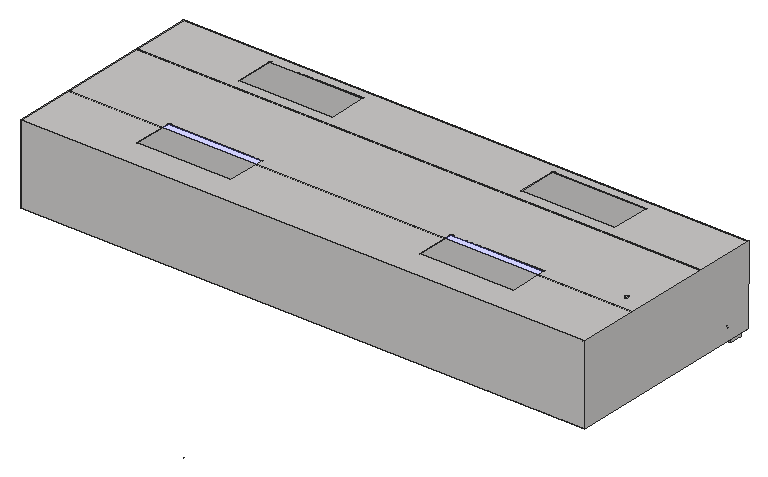
Revit family "QF_ELECTROLUXPROFESSIONAL_640232_STPF1336", category Specialty Equipment, Revit 2014
Reference planes
  plane 1: z = 0
  plane 2 "Center (Left/Right)": x = 150
  plane 3 "LEFT": x = -1650
  plane 4 "RIGHT": x = 1950
  plane 5 "BACK": y = 550
  plane 6 "TOP": z = 2500
  plane 7 "Base": z = 2000
  plane 8: z = 1955
  plane 9 "DrainY": y = 490
  plane 10: x = -1647
  plane 11 "DrainX": x = 1830
  plane 12 "AOLeft2": x = -450
  plane 13 "AORight1": x = 750
  plane 14: x = 1947
  plane 15: x = -1450
  plane 16: x = 1750
  plane 17 "Center (Front/Back)": y = -100
  plane 18 "Front": y = -750
  plane 19 "AOLeft1": x = -1050
  plane 20 "AORight2": x = 1350
  plane 21: y = -664
  plane 22: y = -414
  plane 23: y = 240
  plane 24: y = 490
  plane 25 "EI_y": y = -270
  plane 26 "EIx": x = 1830
Forms (mm)
  Extrusion 1, solid, material "QF_Finishes_Stainless Steel"
    sketch origin (-1650, 0, 360) x (0, 1, 0) y (0, 0, 1)
      loop
        line (550, 1640) -> (550, 2140) -> (-750, 2140) -> (-750, 1640) -> (550, 1640)
    from 0 to 3
  Extrusion 2, solid, material "QF_Finishes_Stainless Steel"
    sketch origin (1950, 0, 360) x (0, 1, 0) y (0, 0, 1)
      loop
        line (550, 1640) -> (550, 2140) -> (-750, 2140) -> (-750, 1640) -> (550, 1640)
    from 0 to -3
  Extrusion 3, solid, material "QF_Finishes_Stainless Steel"
    sketch origin (150, 0, 360) x (0, 1, 0) y (0, 0, 1)
      loop
        line (-750, 2140) -> (-750, 1640) -> (-740, 1640) -> (-740, 1640.8) -> (-749.2, 1640.8) -> (-749.2, 2139.19) -> (549.2, 2139.19) -> (549.2, 1640.8) -> (540, 1640.8) -> (540, 1640) -> (550, 1640) -> (550, 2140) -> (-750, 2140)
    from -1800 to 1800
  Extrusion 4, solid, material "QF_Finishes_Stainless Steel"
    sketch origin (0, 0, 2000) x (0, 1, 0) y (-1, 0, 0)
      loop
        circle (490, -1830) r 4.763
    from -30 to 0
  Extrusion 5, void
    sketch origin (0, 0, 2500) x (0, 1, 0) y (-1, 0, 0)
      loop
        line (-320, 450) -> (-320, 1050) -> (-570, 1050) -> (-570, 450) -> (-320, 450)
    from 0 to -10
  Extrusion 6, solid, material "QF_Finishes_Stainless Steel"
    sketch origin (0, 0, 0) x (1, 0, 0) y (0, 1, 0)
      loop
        line (-1650, 550) -> (-1650, 549) -> (-1649, 549) -> (-1649, 550) -> (-1650, 550)
    from 0 to 1
  Extrusion 7, solid, material "QF_LAMPS"
    sketch origin (150, 0, 360) x (0, 1, 0) y (0, 0, 1)
      loop
        line (-372.823, 1962.324) -> (-218.948, 2086.929) -> (-227.129, 2097.032) -> (-381.003, 1972.426) -> (-372.823, 1962.324)
    from 1797 to -1797
  Extrusion 8, solid, material "QF_Finishes_Stainless Steel"
    sketch origin (150, 0, 360) x (0, 1, 0) y (0, 0, 1)
      loop
        line (-750, 2139.19) -> (-750, 1640) -> (-686.602, 1640) -> (-599.146, 1690.493) -> (-610.058, 1709.394) -> (-666.564, 1676.77) -> (-714.704, 1680.982) -> (-749.2, 1730.248) -> (-749.2, 2139.19) -> (-750, 2139.19)
      loop
        line (-373.6, 1961.694) -> (-381.937, 1971.99) -> (-369.095, 1982.182) -> (-369.095, 2139.19) -> (-369.895, 2139.19) -> (-369.895, 1982.569) -> (-682.298, 1734.63) -> (-671.091, 1720.79) -> (-373.6, 1961.694)
      loop
        line (-227.61, 2099.216) -> (-218.171, 2087.559) -> (-154.411, 2139.19) -> (-155.682, 2139.19) -> (-218.052, 2088.684) -> (-226.989, 2099.719) -> (-227.61, 2099.216)
    from -1797 to 1797
  Sweep 9, solid, material "QF_Finishes_Stainless Steel"
    path origin (0, 0, 0) x (1, 0, 0) y (0, 1, 0)
      loop
        line (1950, 550) -> (-1650, 550) -> (-1650, -750) -> (1950, -750) -> (1950, 550)
    profile origin (1950, -100, 0) x (1, 0, 0) y (0, 0, 1)
      loop
        line (-3, 2000) -> (-3, 2000.8) -> (-19, 2000.8) -> (-19, 2010) -> (-20, 2010) -> (-20, 2000) -> (-3, 2000)
  Extrusion 10, solid, material "QF_Finishes_Stainless Steel"
    sketch origin (150, 0, 0) x (0, 1, 0) y (0, 0, 1)
      loop
        line (414.66, 2095.469) -> (440.643, 2110.471) -> (261.744, 2411.771) -> (235.948, 2396.455) -> (414.66, 2095.469)
    from -1797 to -1600
  Extrusion 11, void
    sketch origin (1134.605, 0, 2500) x (0, 1, 0) y (-1, 0, 0)
      loop
        line (-320, -215.395) -> (-320, 384.605) -> (-570, 384.605) -> (-570, -215.395) -> (-320, -215.395)
    from 0 to -10
  Extrusion 12, solid, material "QF_Finishes_Stainless Steel"
    sketch origin (1830, 0, 0) x (0, 1, 0) y (0, 0, 1)
      loop
        line (539, 2000) -> (441, 2000) -> (441, 1989) -> (448.5, 1989) -> (448.5, 1965)
        arc (448.5, 1965) -> (451.429, 1957.929) -> (458.5, 1955) r 10
        line (458.5, 1955) -> (521.5, 1955)
        arc (521.5, 1955) -> (528.571, 1957.929) -> (531.5, 1965) r 10
        line (531.5, 1965) -> (531.5, 1989) -> (539, 1989) -> (539, 2000)
    from 90 to -90
  Extrusion 13, solid, material "QF_Finishes_Stainless Steel"
    sketch origin (150, 0, 360) x (0, 1, 0) y (0, 0, 1)
      loop
        line (-750, 2139.19) -> (-750, 1640) -> (-686.602, 1640) -> (-599.146, 1690.493) -> (-610.058, 1709.394) -> (-666.564, 1676.77) -> (-714.704, 1680.982) -> (-749.2, 1730.248) -> (-749.2, 2139.19) -> (-750, 2139.19)
      loop
        line (-373.6, 1961.694) -> (-381.937, 1971.99) -> (-369.095, 1982.182) -> (-369.095, 2139.19) -> (-369.895, 2139.19) -> (-369.895, 1982.569) -> (-682.298, 1734.63) -> (-671.091, 1720.79) -> (-373.6, 1961.694)
      loop
        line (-227.61, 2099.216) -> (-218.171, 2087.559) -> (-154.411, 2139.19) -> (-155.682, 2139.19) -> (-218.052, 2088.684) -> (-226.989, 2099.719) -> (-227.61, 2099.216)
    from -1797 to 1797
  Extrusion 14, solid, material "QF_Finishes_Stainless Steel"
    sketch origin (150, 0, 0) x (0, 1, 0) y (0, 0, 1)
      loop
        line (414.66, 2095.469) -> (440.643, 2110.471) -> (261.744, 2411.771) -> (235.948, 2396.455) -> (414.66, 2095.469)
    from 1600 to 1797
  Extrusion 15, solid, material "QF_Finished_Chrome"
    sketch origin (150, 0, 0) x (0, 1, 0) y (0, 0, 1)
      loop
        line (414.66, 2095.469) -> (440.643, 2110.471) -> (261.744, 2411.771) -> (235.948, 2396.455) -> (414.66, 2095.469)
    from -1600 to 1600
  Extrusion 16, void
    sketch origin (0, 1180, 2500) x (0, 1, 0) y (-1, 0, 0)
      loop
        line (-690, 450) -> (-690, 1050) -> (-940, 1050) -> (-940, 450) -> (-690, 450)
    from 0 to -10
  Extrusion 17, void
    sketch origin (1600, 1180, 2500) x (0, 1, 0) y (-1, 0, 0)
      loop
        line (-690, 250) -> (-690, 850) -> (-940, 850) -> (-940, 250) -> (-690, 250)
    from 0 to -10
  Extrusion 18, solid, material "QF_Finishes_Stainless Steel"
    sketch origin (0, 0, 2500) x (0, 1, 0) y (-1, 0, 0)
      loop
        circle (-270, -1830) r 10
    from 0 to 1.6
  Extrusion 19, solid, material "QF_Finishes_Stainless Steel"
    sketch origin (150, 0, 360) x (0, 1, 0) y (0, 0, 1)
      loop
        line (430.005, 1640) -> (540, 1640) -> (540, 1640.8) -> (430.467, 1640.8) -> (371.906, 1742.23) -> (414.858, 1734.657) -> (442.266, 1750.481) -> (442.266, 1765.943) -> (441.466, 1765.943) -> (441.466, 1750.943) -> (414.709, 1735.495) -> (321.153, 1751.991) -> (320.875, 1750.416) -> (371.4, 1741.507) -> (430.005, 1640)
      loop
        line (172.529, 2139.19) -> (242.893, 2017.316) -> (245.133, 2018.715) -> (240.13, 2027.381) -> (238.569, 2026.405) -> (173.453, 2139.19) -> (172.529, 2139.19)
    from -1797 to 1797
Cuts and joins
  Extrusion 5, Extrusion 11, Extrusion 16, Extrusion 17 cuts Extrusion 3
  joined: Extrusion 2, Extrusion 3, Sweep 9
Lines and regions (mm)
  symbolic lines, style "SpecialityEquipment", detail levels coarse
    curve 1: line (1950, 550, 2500) -> (-1650, 550, 2500)
    curve 2: line (-1650, 550, 2500) -> (-1650, -750, 2500)
    curve 3: line (1950, -750, 2500) -> (1950, 550, 2500)
    curve 4: line (-1650, 550, 0) -> (1950, -750, 0)
    curve 5: line (1950, 550, 0) -> (-1650, -750, 0)
    curve 6: line (-1650, -750, 0) -> (1950, -750, 0)
    curve 7: line (-450, -320, 0) -> (-1050, -320, 0)
    curve 8: line (-450, -570, 0) -> (-450, -320, 0)
    curve 9: line (-1050, -570, 0) -> (-450, -570, 0)
    curve 10: line (-1050, -320, 0) -> (-1050, -570, 0)
    curve 11: line (750, -320, 0) -> (750, -570, 0)
    curve 12: line (1350, -320, 0) -> (750, -320, 0)
    curve 13: line (1350, -570, 0) -> (1350, -320, 0)
    curve 14: line (750, -570, 0) -> (1350, -570, 0)
  symbolic lines, detail levels coarse
    curve 15: line (-1050, 240, 2500) -> (-450, 240, 2500)
    curve 16: line (-1050, 490, 2500) -> (-1050, 240, 2500)
    curve 17: line (-450, 490, 2500) -> (-1050, 490, 2500)
    curve 18: line (-450, 240, 2500) -> (-450, 490, 2500)
    curve 19: line (750, 490, 2500) -> (750, 240, 2500)
    curve 20: line (1350, 490, 2500) -> (750, 490, 2500)
    curve 21: line (750, 240, 2500) -> (1350, 240, 2500)
    curve 22: line (1350, 240, 2500) -> (1350, 490, 2500)
Dimensions and locks
  plane 3 "LEFT" to plane 4 "RIGHT" = 3600 mm
  equal spacing: plane 3 "LEFT", plane 2 "Center (Left/Right)", plane 4 "RIGHT"
  plane 7 "Base" to plane 8 = 45 mm
  plane 5 "BACK" to plane 9 "DrainY" = 60 mm  (x2)
  plane 3 "LEFT" to plane 10 = 3 mm
  plane 11 "DrainX" to plane 4 "RIGHT" = 120 mm
  plane 14 to plane 4 "RIGHT" = 3 mm
  plane 3 "LEFT" to plane 15 = 200 mm
  plane 16 to plane 4 "RIGHT" = 200 mm
  locked: plane 12 "AOLeft2" to plane 13 "AORight1" at 1200
  equal spacing: plane 12 "AOLeft2", plane 2 "Center (Left/Right)", plane 13 "AORight1"
  locked: plane 7 "Base" to level at 2000
  locked: plane 6 "TOP" to plane 7 "Base" at 500
  locked: plane 5 "BACK" to plane 18 "Front" at 1300
  equal spacing: plane 5 "BACK", plane 17 "Center (Front/Back)", plane 18 "Front"
  locked: plane 19 "AOLeft1" to plane 12 "AOLeft2" at 600
  locked: plane 13 "AORight1" to plane 20 "AORight2" at 600
  locked: plane 22 to plane 21 at 250
  plane 21 to plane 18 "Front" = 86 mm
  locked: plane 24 to plane 23 at 250
  plane 5 "BACK" to plane 24 = 60 mm
  locked: plane 25 "EI_y" to plane 18 "Front" at 480
  locked: plane 26 "EIx" to plane 4 "RIGHT" at 120
  plane 5 "BACK" to plane 18 "Front" = 1300 mm
  aligned and locked: level to plane 1
  aligned and locked: plane 4 "RIGHT" to Extrusion 3
  aligned and locked: Extrusion 3 to plane 3 "LEFT"
  aligned and locked: Extrusion 2 to plane 14
  aligned and locked: Extrusion 10 to plane 10
  aligned and locked: Extrusion 8 to plane 10
  aligned and locked: plane 14 to Extrusion 8
  aligned and locked: Extrusion 5 to plane 19 "AOLeft1"
  aligned and locked: Extrusion 5 to plane 12 "AOLeft2"
  aligned and locked: plane 20 "AORight2" to Extrusion 11
  aligned and locked: plane 13 "AORight1" to Extrusion 11
  aligned and locked: plane 15 to Extrusion 10
  aligned and locked: plane 16 to Extrusion 14
  aligned and locked: plane 14 to Extrusion 14
  aligned and locked: Extrusion 15 to plane 15
  aligned and locked: Extrusion 15 to plane 16
  aligned and locked: plane 14 to Extrusion 7
  aligned and locked: Extrusion 7 to plane 10
  aligned and locked: Extrusion 16 to plane 23
  aligned and locked: plane 24 to Extrusion 16
  aligned and locked: plane 24 to Extrusion 17
  aligned and locked: Extrusion 17 to plane 23
  aligned and locked: plane 13 "AORight1" to Extrusion 17
  aligned and locked: plane 20 "AORight2" to Extrusion 17
  aligned and locked: Extrusion 16 to plane 19 "AOLeft1"
  aligned and locked: Extrusion 16 to plane 12 "AOLeft2"
  aligned and locked: Extrusion 19 to plane 10
  aligned and locked: plane 14 to Extrusion 19
  aligned and locked: plane 14 to Extrusion 13
  aligned and locked: Extrusion 13 to plane 10
Automatic sketch dimensions
  curve 6 to plane 3 "LEFT" = 0 mm
  curve 4 to plane 3 "LEFT" = 0 mm
  curve 10 to plane 19 "AOLeft1" = 0 mm
  curve 8 to plane 12 "AOLeft2" = 0 mm
  curve 14 to plane 13 "AORight1" = 0 mm
  curve 14 to plane 20 "AORight2" = 0 mm
  curve 5 to plane 4 "RIGHT" = 0 mm
  curve 6 to plane 4 "RIGHT" = 0 mm
  curve 4 to plane 18 "Front" = 0 mm
  curve 4 to plane 5 "BACK" = 0 mm
  curve 5 to plane 5 "BACK" = 0 mm
  plane 21 to curve 14 = 94 mm
  plane 21 to curve 9 = 94 mm
  curve 10 to plane 25 "EI_y" = 50 mm
  curve 11 to plane 25 "EI_y" = 50 mm
  curve 2 to plane 3 "LEFT" = 0 mm
  curve 2 to plane 18 "Front" = 0 mm
  curve 3 to plane 4 "RIGHT" = 0 mm
  curve 3 to plane 18 "Front" = 0 mm
  curve 2 to plane 5 "BACK" = 0 mm
  Extrusion 1 sketch curve to plane 7 "Base" = 0 mm
  Extrusion 1 sketch curve to plane 18 "Front" = 0 mm
  Extrusion 1 sketch curve to plane 5 "BACK" = 0 mm
  Extrusion 1 sketch curve to plane 6 "TOP" = 0 mm
  Extrusion 2 sketch curve to plane 7 "Base" = 0 mm
  Extrusion 2 sketch curve to plane 18 "Front" = 0 mm
  Extrusion 2 sketch curve to plane 5 "BACK" = 0 mm
  Extrusion 2 sketch curve to plane 6 "TOP" = 0 mm
  Extrusion 3 sketch curve to plane 6 "TOP" = 0 mm
  Extrusion 3 sketch curve to plane 18 "Front" = 0 mm
  Extrusion 3 sketch curve to plane 7 "Base" = 0 mm  (x2)
  Extrusion 3 sketch curve to plane 5 "BACK" = 0 mm
  plane 18 "Front" to Extrusion 3 sketch curve = 0.8 mm
  Extrusion 3 sketch curve to Extrusion 3 sketch curve = 9.2 mm
  plane 7 "Base" to Extrusion 3 sketch curve = 0.8 mm  (x2)
  Extrusion 3 sketch curve to plane 5 "BACK" = 10 mm
  Extrusion 3 sketch curve to plane 5 "BACK" = 0.8 mm
  Extrusion 3 sketch curve to plane 6 "TOP" = 0.81 mm
  Extrusion 4 sketch curve to plane 9 "DrainY" = 0 mm
  Extrusion 4 sketch curve to plane 11 "DrainX" = 0 mm
  Extrusion 5 sketch curve to plane 12 "AOLeft2" = 0 mm
  Extrusion 5 sketch curve to plane 19 "AOLeft1" = 0 mm
  plane 21 to Extrusion 5 sketch curve = 94 mm
  Extrusion 5 sketch curve to plane 25 "EI_y" = 50 mm
  Extrusion 6 sketch curve to plane 3 "LEFT" = 0 mm
  Extrusion 6 sketch curve to plane 5 "BACK" = 0 mm
  plane 3 "LEFT" to Extrusion 6 sketch curve = 1 mm
  Extrusion 6 sketch curve to Extrusion 6 sketch curve = 1 mm
  plane 22 to Extrusion 7 sketch curve = 32.997 mm
  Extrusion 7 sketch curve to Extrusion 7 sketch curve = 8.181 mm  (x2)
  plane 25 "EI_y" to Extrusion 7 sketch curve = 42.871 mm
  Extrusion 7 sketch curve to plane 6 "TOP" = 177.676 mm
  Extrusion 7 sketch curve to Extrusion 7 sketch curve = 10.102 mm
  Extrusion 7 sketch curve to plane 6 "TOP" = 53.071 mm
  Extrusion 7 sketch curve to Extrusion 7 sketch curve = 10.103 mm
  Extrusion 8 sketch curve to plane 7 "Base" = 0 mm
  Extrusion 8 sketch curve to plane 18 "Front" = 0 mm
  Extrusion 8 sketch curve to Extrusion 8 sketch curve = 0.8 mm  (x2)
  plane 18 "Front" to Extrusion 8 sketch curve = 35.296 mm
  Extrusion 8 sketch curve to plane 21 = 22.602 mm
  Extrusion 8 sketch curve to plane 21 = 18.298 mm
  Extrusion 8 sketch curve to plane 21 = 7.091 mm
  Extrusion 8 sketch curve to plane 21 = 2.564 mm
  plane 21 to Extrusion 8 sketch curve = 53.942 mm
  Extrusion 8 sketch curve to Extrusion 8 sketch curve = 10.912 mm
  plane 22 to Extrusion 8 sketch curve = 32.063 mm
  Extrusion 8 sketch curve to Extrusion 8 sketch curve = 8.337 mm
  Extrusion 8 sketch curve to Extrusion 8 sketch curve = 12.042 mm
  plane 25 "EI_y" to Extrusion 8 sketch curve = 42.39 mm
  Extrusion 8 sketch curve to Extrusion 8 sketch curve = 0.622 mm
  Extrusion 8 sketch curve to Extrusion 8 sketch curve = 9.44 mm
  Extrusion 8 sketch curve to Extrusion 8 sketch curve = 0.118 mm
  Extrusion 8 sketch curve to plane 6 "TOP" = 0.81 mm  (x3)
  Extrusion 8 sketch curve to plane 17 "Center (Front/Back)" = 55.682 mm
  Extrusion 8 sketch curve to Extrusion 8 sketch curve = 1.271 mm
  plane 7 "Base" to Extrusion 8 sketch curve = 36.77 mm
  plane 7 "Base" to Extrusion 8 sketch curve = 40.982 mm
  plane 7 "Base" to Extrusion 8 sketch curve = 50.493 mm
  Extrusion 8 sketch curve to Extrusion 8 sketch curve = 18.901 mm
  Extrusion 8 sketch curve to Extrusion 8 sketch curve = 44.02 mm
  Extrusion 8 sketch curve to Extrusion 8 sketch curve = 49.266 mm
  Extrusion 8 sketch curve to Extrusion 8 sketch curve = 13.84 mm
  Extrusion 8 sketch curve to plane 6 "TOP" = 178.306 mm
  Extrusion 8 sketch curve to Extrusion 8 sketch curve = 10.296 mm
  Extrusion 8 sketch curve to Extrusion 8 sketch curve = 10.192 mm
  Extrusion 8 sketch curve to Extrusion 8 sketch curve = 0.386 mm
  Extrusion 8 sketch curve to plane 6 "TOP" = 52.441 mm
  Extrusion 8 sketch curve to Extrusion 8 sketch curve = 1.125 mm
  Sweep 9 sketch curve to plane 3 "LEFT" = 0 mm
  Sweep 9 sketch curve to plane 4 "RIGHT" = 0 mm
  Sweep 9 sketch curve to plane 18 "Front" = 0 mm
  Sweep 9 sketch curve to plane 5 "BACK" = 0 mm
  profile plane to Sweep 9 sketch curve = 20 mm
  Sweep 9 sketch curve to Sweep 9 sketch curve = 1 mm
  profile plane to Sweep 9 sketch curve = 3 mm
  level to Sweep 9 sketch curve = 2000 mm
  Sweep 9 sketch curve to Sweep 9 sketch curve = 0.8 mm
  Sweep 9 sketch curve to Sweep 9 sketch curve = 9.2 mm
  Extrusion 10 sketch curve to plane 23 = 4.052 mm
  plane 23 to Extrusion 10 sketch curve = 21.744 mm
  Extrusion 10 sketch curve to plane 9 "DrainY" = 75.34 mm
  Extrusion 10 sketch curve to Extrusion 10 sketch curve = 25.983 mm
  plane 7 "Base" to Extrusion 10 sketch curve = 95.469 mm
  Extrusion 10 sketch curve to Extrusion 10 sketch curve = 15.001 mm
  Extrusion 10 sketch curve to plane 6 "TOP" = 103.545 mm
  Extrusion 10 sketch curve to Extrusion 10 sketch curve = 15.316 mm
  Extrusion 11 sketch curve to plane 20 "AORight2" = 0 mm
  Extrusion 11 sketch curve to plane 13 "AORight1" = 0 mm
  plane 21 to Extrusion 11 sketch curve = 94 mm
  Extrusion 11 sketch curve to plane 25 "EI_y" = 50 mm
  Extrusion 13 sketch curve to plane 7 "Base" = 0 mm
  Extrusion 13 sketch curve to plane 18 "Front" = 0 mm
  Extrusion 13 sketch curve to Extrusion 13 sketch curve = 0.8 mm  (x2)
  plane 18 "Front" to Extrusion 13 sketch curve = 35.296 mm
  Extrusion 13 sketch curve to plane 21 = 22.602 mm
  Extrusion 13 sketch curve to plane 21 = 18.298 mm
  Extrusion 13 sketch curve to plane 21 = 7.091 mm
  Extrusion 13 sketch curve to plane 21 = 2.564 mm
  plane 21 to Extrusion 13 sketch curve = 53.942 mm
  Extrusion 13 sketch curve to Extrusion 13 sketch curve = 10.912 mm
  plane 22 to Extrusion 13 sketch curve = 32.063 mm
  Extrusion 13 sketch curve to Extrusion 13 sketch curve = 8.337 mm
  Extrusion 13 sketch curve to plane 6 "TOP" = 0.81 mm  (x3)
  plane 22 to Extrusion 13 sketch curve = 44.105 mm
  plane 25 "EI_y" to Extrusion 13 sketch curve = 42.39 mm
  Extrusion 13 sketch curve to Extrusion 13 sketch curve = 0.622 mm
  Extrusion 13 sketch curve to Extrusion 13 sketch curve = 9.44 mm
  Extrusion 13 sketch curve to Extrusion 13 sketch curve = 0.118 mm
  Extrusion 13 sketch curve to plane 17 "Center (Front/Back)" = 55.682 mm
  Extrusion 13 sketch curve to Extrusion 13 sketch curve = 1.271 mm
  plane 7 "Base" to Extrusion 13 sketch curve = 36.77 mm
  plane 7 "Base" to Extrusion 13 sketch curve = 40.982 mm
  plane 7 "Base" to Extrusion 13 sketch curve = 50.493 mm
  Extrusion 13 sketch curve to Extrusion 13 sketch curve = 18.901 mm
  Extrusion 13 sketch curve to Extrusion 13 sketch curve = 44.02 mm
  Extrusion 13 sketch curve to Extrusion 13 sketch curve = 49.266 mm
  Extrusion 13 sketch curve to Extrusion 13 sketch curve = 13.84 mm
  Extrusion 13 sketch curve to Extrusion 13 sketch curve = 177.496 mm
  Extrusion 13 sketch curve to Extrusion 13 sketch curve = 10.296 mm
  Extrusion 13 sketch curve to Extrusion 13 sketch curve = 10.192 mm
  Extrusion 13 sketch curve to Extrusion 13 sketch curve = 0.386 mm
  Extrusion 13 sketch curve to plane 6 "TOP" = 52.441 mm
  Extrusion 13 sketch curve to Extrusion 13 sketch curve = 1.125 mm
  Extrusion 14 sketch curve to plane 23 = 4.052 mm
  plane 23 to Extrusion 14 sketch curve = 21.744 mm
  Extrusion 14 sketch curve to plane 9 "DrainY" = 75.34 mm
  Extrusion 14 sketch curve to Extrusion 14 sketch curve = 25.983 mm
  plane 7 "Base" to Extrusion 14 sketch curve = 95.469 mm
  Extrusion 14 sketch curve to Extrusion 14 sketch curve = 15.001 mm
  Extrusion 14 sketch curve to plane 6 "TOP" = 103.545 mm
  Extrusion 14 sketch curve to Extrusion 14 sketch curve = 15.316 mm
  Extrusion 15 sketch curve to plane 23 = 4.052 mm
  plane 23 to Extrusion 15 sketch curve = 21.744 mm
  Extrusion 15 sketch curve to plane 9 "DrainY" = 75.34 mm
  Extrusion 15 sketch curve to Extrusion 15 sketch curve = 25.983 mm
  plane 7 "Base" to Extrusion 15 sketch curve = 95.469 mm
  Extrusion 15 sketch curve to Extrusion 15 sketch curve = 15.001 mm
  Extrusion 15 sketch curve to plane 6 "TOP" = 103.545 mm
  Extrusion 15 sketch curve to Extrusion 15 sketch curve = 15.316 mm
  Extrusion 16 sketch curve to plane 12 "AOLeft2" = 0 mm
  Extrusion 16 sketch curve to plane 23 = 0 mm
  Extrusion 16 sketch curve to plane 9 "DrainY" = 0 mm
  Extrusion 16 sketch curve to plane 19 "AOLeft1" = 0 mm
  Extrusion 17 sketch curve to plane 20 "AORight2" = 0 mm
  Extrusion 17 sketch curve to plane 23 = 0 mm
  Extrusion 17 sketch curve to plane 9 "DrainY" = 0 mm
  Extrusion 17 sketch curve to plane 13 "AORight1" = 0 mm
  Extrusion 18 sketch curve to plane 25 "EI_y" = 0 mm
  Extrusion 18 sketch curve to plane 26 "EIx" = 0 mm
  Extrusion 19 sketch curve to plane 7 "Base" = 0 mm
  Extrusion 19 sketch curve to plane 9 "DrainY" = 47.734 mm
  Extrusion 19 sketch curve to Extrusion 19 sketch curve = 0.8 mm
  plane 9 "DrainY" to Extrusion 19 sketch curve = 50 mm
  plane 7 "Base" to Extrusion 19 sketch curve = 0.8 mm
  Extrusion 19 sketch curve to Extrusion 19 sketch curve = 109.533 mm
  Extrusion 19 sketch curve to Extrusion 19 sketch curve = 0.462 mm  (x2)
  Extrusion 19 sketch curve to Extrusion 19 sketch curve = 26.608 mm
  Extrusion 19 sketch curve to Extrusion 19 sketch curve = 0.148 mm
  Extrusion 19 sketch curve to Extrusion 19 sketch curve = 42.803 mm
  Extrusion 19 sketch curve to Extrusion 19 sketch curve = 0.506 mm
  Extrusion 19 sketch curve to Extrusion 19 sketch curve = 50.247 mm
  Extrusion 19 sketch curve to Extrusion 19 sketch curve = 0.278 mm
  plane 23 to Extrusion 19 sketch curve = 5.133 mm
  Extrusion 19 sketch curve to Extrusion 19 sketch curve = 2.24 mm
  plane 23 to Extrusion 19 sketch curve = 0.13 mm
  Extrusion 19 sketch curve to plane 23 = 1.431 mm
  Extrusion 19 sketch curve to plane 6 "TOP" = 0.81 mm
  Extrusion 19 sketch curve to plane 23 = 66.547 mm
  Extrusion 19 sketch curve to Extrusion 19 sketch curve = 0.924 mm
  plane 7 "Base" to Extrusion 19 sketch curve = 94.657 mm
  Extrusion 19 sketch curve to Extrusion 19 sketch curve = 0.838 mm
  Extrusion 19 sketch curve to Extrusion 19 sketch curve = 6.012 mm
  Extrusion 19 sketch curve to Extrusion 19 sketch curve = 0.723 mm
  Extrusion 19 sketch curve to Extrusion 19 sketch curve = 14.986 mm
  Extrusion 19 sketch curve to Extrusion 19 sketch curve = 15 mm
  Extrusion 19 sketch curve to plane 6 "TOP" = 122.684 mm
  Extrusion 19 sketch curve to Extrusion 19 sketch curve = 1.399 mm
  Extrusion 19 sketch curve to Extrusion 19 sketch curve = 9.089 mm
  Extrusion 19 sketch curve to Extrusion 19 sketch curve = 0.975 mm
  curve 15 to plane 19 "AOLeft1" = 0 mm
  curve 15 to plane 23 = 0 mm
  curve 16 to plane 9 "DrainY" = 0 mm
  curve 15 to plane 12 "AOLeft2" = 0 mm
  curve 19 to plane 13 "AORight1" = 0 mm
  curve 19 to plane 23 = 0 mm
  curve 20 to plane 9 "DrainY" = 0 mm
  curve 21 to plane 20 "AORight2" = 0 mm
  Extrusion 12 sketch curve to plane 8 = 0 mm
  Extrusion 12 sketch curve to plane 7 "Base" = 11 mm  (x2)
  Extrusion 12 sketch curve to plane 9 "DrainY" = 49 mm
  Extrusion 12 sketch curve to Extrusion 12 sketch curve = 7.5 mm  (x2)
  Extrusion 12 sketch curve to Extrusion 12 sketch curve = 10 mm
  Extrusion 12 sketch curve to plane 5 "BACK" = 28.5 mm
  Extrusion 12 sketch curve to plane 5 "BACK" = 18.5 mm
  plane 7 "Base" to Extrusion 12 sketch curve = 0 mm
  radius of Extrusion 4 sketch curve = 4.763 mm
  radius of Extrusion 18 sketch curve = 10 mm
Connectors
  piping at (1830, 490, 1970), diameter 9.5
    settings: on Extrusion 4, index 1, connector inside diameter 609.6 mm, connector length 0 mm, flow factor 0, pipe flow 0.0 L/s, pressure drop 0.0 Pa, fitting loss kfactor 0, connector angle 0.00°, fixture units 0, engagement length 0 mm, angle of deflection 0.00°, flow configuration 1, flow direction 2, fitting loss method 0, system type 16, joint type 0, gender type 0, connector reference index -1, connector utility 0, adjustable connector no, is connector primary yes, connector description "Drain"
  hvac at (-750, -445, 2500)
    settings: on Extrusion 5, index 2, duct flow 0.0 L/s, flow factor 0, pres drop 0.0 Pa, loss coef 0, conn angle 0.00°, conn width 250 mm, conn height 600 mm, conn diameter 609.6 mm, duct sys type 1, conn prof type 1, flow config 1, flow direction 1, loss method 0, conn ref index -1, conn util no, is conn primary yes, conn desc "AIR INLET"
  hvac at (1050, -445, 2500)
    settings: on Extrusion 11, index 3, duct flow 0.0 L/s, flow factor 0, pres drop 0.0 Pa, loss coef 0, conn angle 0.00°, conn width 250 mm, conn height 600 mm, conn diameter 609.6 mm, duct sys type 1, conn prof type 1, flow config 1, flow direction 1, loss method 0, conn ref index -1, conn util no, is conn primary no, conn desc "AIR INLET"
  hvac at (-750, 365, 2500)
    settings: on Extrusion 16, index 4, duct flow 0.0 L/s, flow factor 0, pres drop 0.0 Pa, loss coef 0, conn angle 0.00°, conn width 250 mm, conn height 600 mm, conn diameter 609.6 mm, duct sys type 3, conn prof type 1, flow config 1, flow direction 2, loss method 0, conn ref index -1, conn util no, is conn primary no, conn desc "EXHAUST OUTLET"
  hvac at (1050, 365, 2500)
    settings: on Extrusion 17, index 5, duct flow 0.0 L/s, flow factor 0, pres drop 0.0 Pa, loss coef 0, conn angle 0.00°, conn width 250 mm, conn height 600 mm, conn diameter 609.6 mm, duct sys type 3, conn prof type 1, flow config 1, flow direction 2, loss method 0, conn ref index -1, conn util no, is conn primary no, conn desc "EXHAUST OUTLET"
  electrical at (1830, -270, 2501.6)
    settings: on Extrusion 18, index 6, voltage 0 V, apparent load 0 VA, apparent load phase1 0 VA, apparent load phase2 0 VA, apparent load phase3 0 VA, power factor 1, load classification "Other", number of poles 1, system type 30, power factor state 1, is connector primary yes, connector utility no, sub classification motor no, connector description "Electrical Connection"
